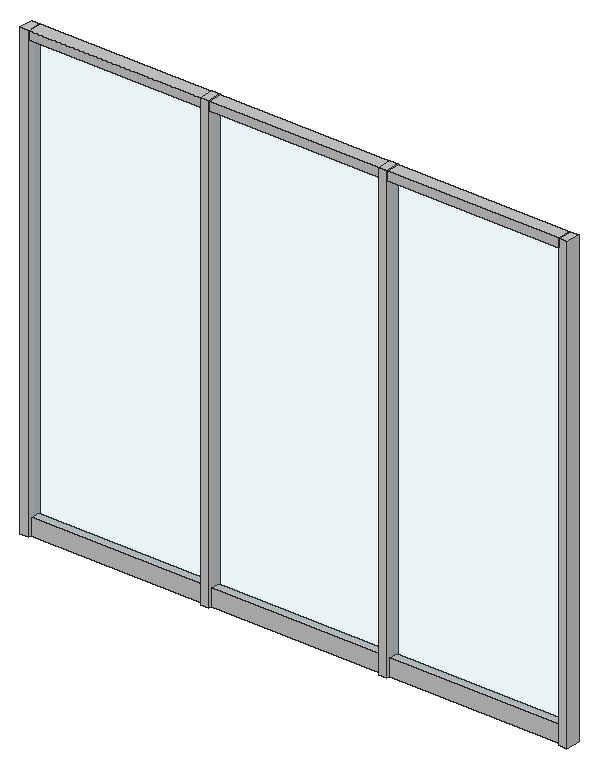
Revit family "DAL_A3-A108", category Windows, host Wall, Revit 2016
Family settings
  Host = Wall
  Always vertical = Yes
  Cut with Voids When Loaded = No
  Shared = No
  Room Calculation Point = No
Parameters (values of type "2970w x 2465h")
  PanelDivides = Width / Panel Size  # 3
  Panel Width = Width / PanelDivides - 11.25 mm  # 978.75 mm
  Panel Size = 900 mm
  No Of Mullions = if((Array - 1) < 2, 2, Array - 1)  # 2
  Mullions = No Of Mullions  # 2
  Inset [instance] = 45 mm
  Height = 2465 mm
  Head Height = 2465 mm
  Wall Closure = By host
  Width = 2970 mm
  Glass Finish = Glass 2
  Frame Finish = Metal Aluminium
  Door Head Height = 2465 mm
  Construction Type = "A108"
  Centre Mullion Visible [instance] = yes
  Bumper Rail Visible [instance] = yes
  Bumper Rail Height = 850 mm
  Assembly Code = ""
  Arrays = Width / Panel Size  # 3.3
  Array = Width / Panel Width  # 3
Reference planes
  plane 1: y = 0
  plane 2 "Center (Left/Right)": x = -310.907
  plane 3 "Left": x = -1795.907
  plane 4 "Right": x = 1174.093
  plane 5 "Sill": z = 0
  plane 6 "Head": z = 2465
  plane 7 "Exterior": y = 115
  plane 8 "Interior": y = -115
  plane 9: z = 1232.5
  plane 10 "Inset": y = 70
  plane 11: x = -794.657
  plane 12: x = 172.843
  plane 13: z = 2465
  plane 14: z = 850
  plane 15: x = -1773.407
  plane 16: x = 1151.593
Forms (mm)
  Sweep 1, solid, material "Metal Aluminium" <- "Frame Finish"
    path origin (0, 70, 0) x (-1, 0, 0) y (0, 0, 1)
      loop
        line (-1174.093, 0) -> (-1174.093, 2465)
    profile "Profile Rectangle : 75 x 45mm" origin (1174.093, 70, 1232.5) x (1, 0, 0) y (0, 1, 0)
      loop
        line (-45, -37.5) -> (0, -37.5) -> (0, 37.5) -> (-45, 37.5) -> (-45, -37.5)
  Sweep 2, solid, material "Metal Aluminium" <- "Frame Finish"
    path origin (0, 70, 0) x (-1, 0, 0) y (0, 0, 1)
      loop
        line (1795.907, 2465) -> (1795.907, 0)
    profile "Profile Rectangle : 75 x 45mm" origin (-1795.907, 70, 1232.5) x (-1, 0, 0) y (0, 1, 0)
      loop
        line (-45, -37.5) -> (0, -37.5) -> (0, 37.5) -> (-45, 37.5) -> (-45, -37.5)
  Sweep 3, solid, material "Metal Aluminium" <- "Frame Finish"
    path origin (0, 70, 0) x (-1, 0, 0) y (0, 0, 1)
      loop
        line (-1129.093, 0) -> (1750.907, 0)
    profile "Profile Rectangle : 90 x 45mm" origin (-310.907, 70, 0) x (0, 0, 1) y (0, 1, 0)
      loop
        line (0, -22.5) -> (90, -22.5) -> (90, 22.5) -> (0, 22.5) -> (0, -22.5)
  Sweep 4, solid, material "Metal Aluminium" <- "Frame Finish"
    path origin (0, 70, 0) x (-1, 0, 0) y (0, 0, 1)
      loop
        line (-1129.093, 2465) -> (1750.907, 2465)
    profile "Profile Rectangle : 75 x 45mm" origin (-310.907, 70, 2465) x (0, 0, 1) y (0, 1, 0)
      loop
        line (-45, -37.5) -> (0, -37.5) -> (0, 37.5) -> (-45, 37.5) -> (-45, -37.5)
  Sweep 5, solid, material "Metal Aluminium" <- "Frame Finish", visible <- "Bumper Rail Visible", detail levels coarse+medium
    path origin (0, 70, 0) x (-1, 0, 0) y (0, 0, 1)
      loop
        line (-1129.093, 850) -> (1750.907, 850)
    profile "Profile Rectangle : 90 x 45mm" origin (-310.907, 70, 850) x (0, 0, 1) y (0, 1, 0)
      loop
        line (-45, -22.5) -> (45, -22.5) -> (45, 22.5) -> (-45, 22.5) -> (-45, -22.5)
  Sweep 6, solid, material "Metal Aluminium" <- "Frame Finish"
    path origin (0, 70, 0) x (-1, 0, 0) y (0, 0, 1)
      loop
        line (-1129.093, 2465) -> (1750.907, 2465)
    profile "Profile Rectangle : 75 x 45mm" origin (-310.907, 70, 2465) x (0, 0, 1) y (0, 1, 0)
      loop
        line (-45, -37.5) -> (0, -37.5) -> (0, 37.5) -> (-45, 37.5) -> (-45, -37.5)
  Extrusion 7, solid
    sketch origin (0, 70, 0) x (-1, 0, 0) y (0, 0, 1)
      loop
        line (-1129.093, 2420) -> (-1129.093, 0) -> (1750.907, 0) -> (1750.907, 2420) -> (-1129.093, 2420)
    from 5 to -5
Lines and regions (mm)
  Opening 1
    outline origin (3500, -115, 0) x (1, 0, 0) y (0, 0, 1)
      loop
        line (-2325.907, 0) -> (-2325.907, 2465) -> (-5295.907, 2465) -> (-5295.907, 0) -> (-2325.907, 0)
  symbolic lines, style "Overhead"
    curve 1: line (-1795.907, 115, 0) -> (1174.093, 115, 0)
    curve 2: line (1174.093, -115, 0) -> (-1795.907, -115, 0)
Text (mm)
  text "EXTERIOR" at (-1963.203, 1332.353, 0), in view "Ref. Level"
  text "INTERIOR" at (-1981.466, -818.386, 0), in view "Ref. Level"
  text "Exterior" at (0, 923.751, 2943.296), in view "Right"
  text "Exterior" at (0, 1040.484, 2685.409), in view "Left"
Dimensions and locks
  equal spacing: plane 3 "Left", plane 2 "Center (Left/Right)", plane 4 "Right"
  "Width": plane 3 "Left" to plane 4 "Right"
  "Height": plane 5 "Sill" to plane 6 "Head"
  equal spacing: plane 6 "Head", plane 9, level
  locked: plane 7 "Exterior" to host wall at 0
  locked: plane 8 "Interior" to host wall
  "Head Height": level to plane 6 "Head"
  "Inset": plane 10 "Inset" to plane 7 "Exterior"
  "Door Head Height": level to plane 13
  "Bumper Rail Height": level to plane 14
  group 1 to group 2 = 967.5 mm
  group 1 to group 2 = 0 mm  (x2)
  "Panel Width": plane 15 to plane 11
  locked: plane 3 "Left" to plane 15 at 22.5
  locked: plane 16 to plane 4 "Right" at 22.5
  "Panel Width": plane 12 to plane 16
  plane 3 "Left" to plane 4 "Right" = 2970 mm
  aligned and locked: plane 11 to nested 1
  aligned and locked: nested 1 to plane 10 "Inset"
  aligned and locked: plane 12 to nested 2
  aligned and locked: nested 2 to plane 10 "Inset"
  aligned and locked: plane 7 "Exterior" to curve 1
  aligned and locked: curve 2 to plane 8 "Interior"
  aligned and locked: nested 2 to plane 5 "Sill"
  aligned and locked: nested 1 to plane 5 "Sill"
  aligned and locked: plane 5 "Sill" to Sweep 3 sketch curve
  aligned and locked: Extrusion 7 sketch curve to plane 5 "Sill"
Automatic sketch dimensions
  Opening 1 sketch curve to plane 3 "Left" = 0 mm
  Opening 1 sketch curve to plane 4 "Right" = 0 mm
  Opening 1 sketch curve to plane 5 "Sill" = 0 mm
  Opening 1 sketch curve to plane 6 "Head" = 0 mm
  plane 4 "Right" to Sweep 3 sketch curve = 45 mm
  Sweep 3 sketch curve to plane 3 "Left" = 45 mm
  Sweep 4 sketch curve to plane 13 = 0 mm
  plane 4 "Right" to Sweep 4 sketch curve = 45 mm
  Sweep 4 sketch curve to plane 3 "Left" = 45 mm
  Sweep 5 sketch curve to plane 14 = 0 mm
  plane 4 "Right" to Sweep 5 sketch curve = 45 mm
  Sweep 5 sketch curve to plane 3 "Left" = 45 mm
  Sweep 6 sketch curve to plane 6 "Head" = 0 mm
  plane 4 "Right" to Sweep 6 sketch curve = 45 mm
  Sweep 6 sketch curve to plane 3 "Left" = 45 mm
  plane 4 "Right" to Extrusion 7 sketch curve = 45 mm
  Extrusion 7 sketch curve to plane 3 "Left" = 45 mm
  plane 6 "Head" to Extrusion 7 sketch curve = 45 mm
  curve 2 to plane 3 "Left" = 0 mm
  curve 1 to plane 3 "Left" = 0 mm
  curve 2 to plane 4 "Right" = 0 mm
  curve 1 to plane 4 "Right" = 0 mm
  Sweep 2 sketch curve to plane 3 "Left" = 0 mm
  Sweep 2 sketch curve to plane 5 "Sill" = 0 mm
  Sweep 2 sketch curve to plane 6 "Head" = 0 mm
  Sweep 1 sketch curve to plane 4 "Right" = 0 mm
  Sweep 1 sketch curve to plane 5 "Sill" = 0 mm
  Sweep 1 sketch curve to plane 6 "Head" = 0 mm
Nested families
  nested 1: "Mullion component" at (-794.657, 70, 0), type "Mullion component", detail levels medium+fine
  nested 2: "Mullion component" at (172.843, 70, 0), type "Mullion component", detail levels medium+fine
Definition of nested family "Mullion component"
  Parameters
    Height = 2465 mm
    Frame Finish = none
    Assembly Code = ""
  Reference planes
    plane 1 "Center (Front/Back)": y = 0
    plane 2: z = 0
    plane 3 "Center (Left/Right)": x = 0
    plane 4: z = 2465
  Forms (mm)
    Sweep 1, solid, material <- "Frame Finish"
      path origin (0, 0, 0) x (1, 0, 0) y (0, 0, 1)
        loop
          line (0, 0) -> (0, 2465)
      profile "Profile Rectangle : Profile Rectangle" origin (0, 0, 1232.5) x (-1, 0, 0) y (0, -1, 0)
        loop
          line (-22.5, -37.5) -> (22.5, -37.5) -> (22.5, 37.5) -> (-22.5, 37.5) -> (-22.5, -37.5)
  Dimensions and locks
    "Height": level to plane 4
  Automatic sketch dimensions
    Sweep 1 sketch curve to plane 3 "Center (Left/Right)" = 0 mm
    Sweep 1 sketch curve to level = 0 mm
    Sweep 1 sketch curve to plane 4 = 0 mm
